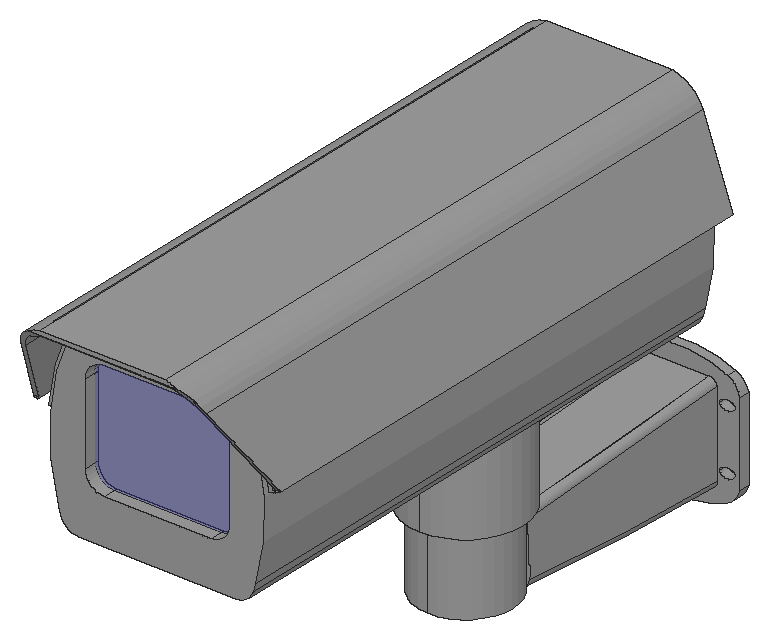
Revit family "SDP-856_RV17_LOD_400", category Электрооборудование, Revit 2017 (continued)
Definition of nested family "объектив 856_RV17_1"
  Automatic sketch dimensions
    Extrusion 19 sketch curve to Extrusion 19 sketch curve = 21.086 mm
    Extrusion 19 sketch curve to Extrusion 19 sketch curve = 18.811 mm
    Extrusion 19 sketch curve to Extrusion 19 sketch curve = 1.026 mm
    Extrusion 19 sketch curve to Extrusion 19 sketch curve = 8.482 mm
    Extrusion 20 sketch curve to Extrusion 20 sketch curve = 43 mm
    Extrusion 20 sketch curve to Extrusion 20 sketch curve = 44 mm
    Extrusion 20 sketch curve to Extrusion 20 sketch curve = 68.054 mm
    Extrusion 24 sketch curve to Extrusion 24 sketch curve = 11.512 mm
    Extrusion 24 sketch curve to Extrusion 24 sketch curve = 1.411 mm
    Extrusion 24 sketch curve to Extrusion 24 sketch curve = 12 mm  (x2)
    Extrusion 24 sketch curve to Extrusion 24 sketch curve = 1.459 mm
    Extrusion 25 sketch curve to Extrusion 25 sketch curve = 3.45 mm
    Extrusion 25 sketch curve to Extrusion 25 sketch curve = 3.134 mm
    Extrusion 25 sketch curve to Extrusion 25 sketch curve = 0.074 mm
    Extrusion 25 sketch curve to Extrusion 25 sketch curve = 3.079 mm
    Extrusion 25 sketch curve to Extrusion 25 sketch curve = 0.025 mm
    Extrusion 25 sketch curve to Extrusion 25 sketch curve = 3.19 mm
    Extrusion 25 sketch curve to Extrusion 25 sketch curve = 12.648 mm
    Extrusion 25 sketch curve to Extrusion 25 sketch curve = 0.023 mm
    Extrusion 25 sketch curve to Extrusion 25 sketch curve = 0.323 mm
    Extrusion 25 sketch curve to Extrusion 25 sketch curve = 12.435 mm
    Extrusion 25 sketch curve to Extrusion 25 sketch curve = 0.409 mm
    Extrusion 25 sketch curve to Extrusion 25 sketch curve = 5.397 mm
    Extrusion 25 sketch curve to Extrusion 25 sketch curve = 2.883 mm  (x2)
    Extrusion 25 sketch curve to Extrusion 25 sketch curve = 15.807 mm
    Extrusion 26 sketch curve to Extrusion 26 sketch curve = 2.29 mm  (x2)
    Extrusion 26 sketch curve to Extrusion 26 sketch curve = 2.455 mm  (x2)
    Extrusion 27 sketch curve to Extrusion 27 sketch curve = 1.846 mm
    Extrusion 26 sketch curve to Extrusion 26 sketch curve = 2.217 mm  (x2)
    Extrusion 22 sketch curve to Extrusion 22 sketch curve = 0 mm  (x2)
    Extrusion 22 sketch curve to Extrusion 22 sketch curve = 12 mm  (x3)
    Extrusion 22 sketch curve to Extrusion 22 sketch curve = 68 mm
    Extrusion 22 sketch curve to Extrusion 22 sketch curve = 50 mm
    Extrusion 22 sketch curve to Extrusion 22 sketch curve = 0.962 mm
    Extrusion 23 sketch curve to Extrusion 23 sketch curve = 12 mm  (x3)
    Extrusion 23 sketch curve to Extrusion 23 sketch curve = 68 mm
    Extrusion 23 sketch curve to Extrusion 23 sketch curve = 0 mm
    Extrusion 23 sketch curve to Extrusion 23 sketch curve = 51 mm
    Extrusion 24 sketch curve to Extrusion 24 sketch curve = 10.722 mm
    Extrusion 24 sketch curve to Extrusion 24 sketch curve = 18.274 mm
    Extrusion 24 sketch curve to Extrusion 24 sketch curve = 11.249 mm
    Extrusion 24 sketch curve to Extrusion 24 sketch curve = 5.343 mm
    Extrusion 24 sketch curve to Extrusion 24 sketch curve = 11.313 mm
    Extrusion 24 sketch curve to Extrusion 24 sketch curve = 77 mm
    Extrusion 24 sketch curve to Extrusion 24 sketch curve = 11.239 mm
    Extrusion 24 sketch curve to Extrusion 24 sketch curve = 100 mm
    Extrusion 24 sketch curve to Extrusion 24 sketch curve = 5.417 mm
    Extrusion 24 sketch curve to Extrusion 24 sketch curve = 10.507 mm
    Extrusion 24 sketch curve to Extrusion 24 sketch curve = 7.822 mm
    Extrusion 24 sketch curve to Extrusion 24 sketch curve = 8.614 mm
    Extrusion 24 sketch curve to Extrusion 24 sketch curve = 4.864 mm
    Extrusion 24 sketch curve to Extrusion 24 sketch curve = 4.797 mm
    Extrusion 24 sketch curve to Extrusion 24 sketch curve = 40.11 mm
    Extrusion 24 sketch curve to Extrusion 24 sketch curve = 40.834 mm
    Extrusion 24 sketch curve to Extrusion 24 sketch curve = 6.426 mm
    Extrusion 25 sketch curve to Extrusion 25 sketch curve = 9.862 mm
    Extrusion 25 sketch curve to Extrusion 25 sketch curve = 15.418 mm
    Extrusion 25 sketch curve to Extrusion 25 sketch curve = 11.35 mm
    Extrusion 25 sketch curve to Extrusion 25 sketch curve = 0.21 mm
    Extrusion 25 sketch curve to Extrusion 25 sketch curve = 76.848 mm
    Extrusion 25 sketch curve to Extrusion 25 sketch curve = 11.237 mm
    Extrusion 25 sketch curve to Extrusion 25 sketch curve = 5.153 mm
    Extrusion 25 sketch curve to Extrusion 25 sketch curve = 13.016 mm
    Extrusion 25 sketch curve to Extrusion 25 sketch curve = 2.224 mm
    Extrusion 25 sketch curve to Extrusion 25 sketch curve = 54.844 mm
    Extrusion 25 sketch curve to Extrusion 25 sketch curve = 14.827 mm
    Extrusion 25 sketch curve to Extrusion 25 sketch curve = 7.067 mm
    Extrusion 25 sketch curve to Extrusion 25 sketch curve = 0.192 mm
    Extrusion 25 sketch curve to Extrusion 25 sketch curve = 6.896 mm
    Extrusion 25 sketch curve to Extrusion 25 sketch curve = 0.297 mm
    Extrusion 25 sketch curve to Extrusion 25 sketch curve = 6.038 mm
    Extrusion 25 sketch curve to Extrusion 25 sketch curve = 12.055 mm
    Extrusion 26 sketch curve to Extrusion 26 sketch curve = 2.819 mm  (x2)
    Extrusion 26 sketch curve to Extrusion 26 sketch curve = 19.341 mm
    Extrusion 26 sketch curve to Extrusion 26 sketch curve = 19.375 mm
    Extrusion 26 sketch curve to Extrusion 26 sketch curve = 0 mm  (x3)
    Extrusion 26 sketch curve to Extrusion 26 sketch curve = 4.001 mm  (x2)
    Extrusion 26 sketch curve to Extrusion 26 sketch curve = 67.565 mm
    Extrusion 26 sketch curve to Extrusion 26 sketch curve = 21.086 mm
    Extrusion 26 sketch curve to Extrusion 26 sketch curve = 18.811 mm
    Extrusion 26 sketch curve to Extrusion 26 sketch curve = 1.026 mm
    Extrusion 26 sketch curve to Extrusion 26 sketch curve = 8.482 mm
    Extrusion 27 sketch curve to Extrusion 27 sketch curve = 43 mm
    Extrusion 27 sketch curve to Extrusion 27 sketch curve = 44 mm
    Extrusion 27 sketch curve to Extrusion 27 sketch curve = 68.054 mm
    Extrusion 31 sketch curve to Extrusion 31 sketch curve = 11.512 mm
    Extrusion 31 sketch curve to Extrusion 31 sketch curve = 1.411 mm
    Extrusion 31 sketch curve to Extrusion 31 sketch curve = 12 mm  (x2)
    Extrusion 31 sketch curve to Extrusion 31 sketch curve = 1.459 mm
    Extrusion 32 sketch curve to Extrusion 32 sketch curve = 3.45 mm
    Extrusion 32 sketch curve to Extrusion 32 sketch curve = 3.134 mm
    Extrusion 32 sketch curve to Extrusion 32 sketch curve = 0.074 mm
    Extrusion 32 sketch curve to Extrusion 32 sketch curve = 3.079 mm
    Extrusion 32 sketch curve to Extrusion 32 sketch curve = 0.025 mm
    Extrusion 32 sketch curve to Extrusion 32 sketch curve = 3.19 mm
    Extrusion 32 sketch curve to Extrusion 32 sketch curve = 12.648 mm
    Extrusion 32 sketch curve to Extrusion 32 sketch curve = 0.023 mm
    Extrusion 32 sketch curve to Extrusion 32 sketch curve = 0.323 mm
    Extrusion 32 sketch curve to Extrusion 32 sketch curve = 12.435 mm
    Extrusion 32 sketch curve to Extrusion 32 sketch curve = 0.409 mm
    Extrusion 32 sketch curve to Extrusion 32 sketch curve = 5.397 mm
    Extrusion 32 sketch curve to Extrusion 32 sketch curve = 2.883 mm  (x2)
    Extrusion 32 sketch curve to Extrusion 32 sketch curve = 15.807 mm
    Extrusion 33 sketch curve to Extrusion 33 sketch curve = 2.29 mm  (x2)
    Extrusion 33 sketch curve to Extrusion 33 sketch curve = 2.455 mm  (x2)
    Extrusion 34 sketch curve to Extrusion 34 sketch curve = 1.846 mm
    Extrusion 33 sketch curve to Extrusion 33 sketch curve = 2.217 mm  (x2)
    Extrusion 29 sketch curve to Extrusion 29 sketch curve = 0 mm  (x2)
    Extrusion 29 sketch curve to Extrusion 29 sketch curve = 12 mm  (x3)
    Extrusion 29 sketch curve to Extrusion 29 sketch curve = 68 mm
    Extrusion 29 sketch curve to Extrusion 29 sketch curve = 50 mm
    Extrusion 29 sketch curve to Extrusion 29 sketch curve = 0.962 mm
    Extrusion 30 sketch curve to Extrusion 30 sketch curve = 12 mm  (x3)
    Extrusion 30 sketch curve to Extrusion 30 sketch curve = 68 mm
    Extrusion 30 sketch curve to Extrusion 30 sketch curve = 0 mm
    Extrusion 30 sketch curve to Extrusion 30 sketch curve = 51 mm
    Extrusion 31 sketch curve to Extrusion 31 sketch curve = 10.722 mm
    Extrusion 31 sketch curve to Extrusion 31 sketch curve = 18.274 mm
    Extrusion 31 sketch curve to Extrusion 31 sketch curve = 11.249 mm
    Extrusion 31 sketch curve to Extrusion 31 sketch curve = 5.343 mm
    Extrusion 31 sketch curve to Extrusion 31 sketch curve = 11.313 mm
    Extrusion 31 sketch curve to Extrusion 31 sketch curve = 77 mm
    Extrusion 31 sketch curve to Extrusion 31 sketch curve = 11.239 mm
    Extrusion 31 sketch curve to Extrusion 31 sketch curve = 100 mm
    Extrusion 31 sketch curve to Extrusion 31 sketch curve = 5.417 mm
    Extrusion 31 sketch curve to Extrusion 31 sketch curve = 10.507 mm
    Extrusion 31 sketch curve to Extrusion 31 sketch curve = 7.822 mm
    Extrusion 31 sketch curve to Extrusion 31 sketch curve = 8.614 mm
    Extrusion 31 sketch curve to Extrusion 31 sketch curve = 4.864 mm
    Extrusion 31 sketch curve to Extrusion 31 sketch curve = 4.797 mm
    Extrusion 31 sketch curve to Extrusion 31 sketch curve = 40.11 mm
    Extrusion 31 sketch curve to Extrusion 31 sketch curve = 40.834 mm
    Extrusion 31 sketch curve to Extrusion 31 sketch curve = 6.426 mm
    Extrusion 32 sketch curve to Extrusion 32 sketch curve = 9.862 mm
    Extrusion 32 sketch curve to Extrusion 32 sketch curve = 15.418 mm
    Extrusion 32 sketch curve to Extrusion 32 sketch curve = 11.35 mm
    Extrusion 32 sketch curve to Extrusion 32 sketch curve = 0.21 mm
    Extrusion 32 sketch curve to Extrusion 32 sketch curve = 76.848 mm
    Extrusion 32 sketch curve to Extrusion 32 sketch curve = 11.237 mm
    Extrusion 32 sketch curve to Extrusion 32 sketch curve = 5.153 mm
    Extrusion 32 sketch curve to Extrusion 32 sketch curve = 13.016 mm
    Extrusion 32 sketch curve to Extrusion 32 sketch curve = 2.224 mm
    Extrusion 32 sketch curve to Extrusion 32 sketch curve = 54.844 mm
    Extrusion 32 sketch curve to Extrusion 32 sketch curve = 14.827 mm
    Extrusion 32 sketch curve to Extrusion 32 sketch curve = 7.067 mm
    Extrusion 32 sketch curve to Extrusion 32 sketch curve = 0.192 mm
    Extrusion 32 sketch curve to Extrusion 32 sketch curve = 6.896 mm
    Extrusion 32 sketch curve to Extrusion 32 sketch curve = 0.297 mm
    Extrusion 32 sketch curve to Extrusion 32 sketch curve = 6.038 mm
    Extrusion 32 sketch curve to Extrusion 32 sketch curve = 12.055 mm
    Extrusion 33 sketch curve to Extrusion 33 sketch curve = 2.819 mm  (x2)
    Extrusion 33 sketch curve to Extrusion 33 sketch curve = 19.341 mm
    Extrusion 33 sketch curve to Extrusion 33 sketch curve = 19.375 mm
    Extrusion 33 sketch curve to Extrusion 33 sketch curve = 0 mm  (x3)
    Extrusion 33 sketch curve to Extrusion 33 sketch curve = 4.001 mm  (x2)
    Extrusion 33 sketch curve to Extrusion 33 sketch curve = 67.565 mm
    Extrusion 33 sketch curve to Extrusion 33 sketch curve = 21.086 mm
    Extrusion 33 sketch curve to Extrusion 33 sketch curve = 18.811 mm
    Extrusion 33 sketch curve to Extrusion 33 sketch curve = 1.026 mm
    Extrusion 33 sketch curve to Extrusion 33 sketch curve = 8.482 mm
    Extrusion 34 sketch curve to Extrusion 34 sketch curve = 43 mm
    Extrusion 34 sketch curve to Extrusion 34 sketch curve = 44 mm
    Extrusion 34 sketch curve to Extrusion 34 sketch curve = 68.054 mm
    Extrusion 37 sketch curve to Extrusion 37 sketch curve = 11.512 mm
    Extrusion 37 sketch curve to Extrusion 37 sketch curve = 1.411 mm
    Extrusion 37 sketch curve to Extrusion 37 sketch curve = 12 mm  (x2)
    Extrusion 37 sketch curve to Extrusion 37 sketch curve = 1.459 mm
    Extrusion 38 sketch curve to Extrusion 38 sketch curve = 3.45 mm
    Extrusion 38 sketch curve to Extrusion 38 sketch curve = 3.134 mm
    Extrusion 38 sketch curve to Extrusion 38 sketch curve = 0.074 mm
    Extrusion 38 sketch curve to Extrusion 38 sketch curve = 3.079 mm
    Extrusion 38 sketch curve to Extrusion 38 sketch curve = 0.025 mm
    Extrusion 38 sketch curve to Extrusion 38 sketch curve = 3.19 mm
    Extrusion 38 sketch curve to Extrusion 38 sketch curve = 12.648 mm
    Extrusion 38 sketch curve to Extrusion 38 sketch curve = 0.023 mm
    Extrusion 38 sketch curve to Extrusion 38 sketch curve = 0.323 mm
    Extrusion 38 sketch curve to Extrusion 38 sketch curve = 12.435 mm
    Extrusion 38 sketch curve to Extrusion 38 sketch curve = 0.409 mm
    Extrusion 38 sketch curve to Extrusion 38 sketch curve = 5.397 mm
    Extrusion 38 sketch curve to Extrusion 38 sketch curve = 2.883 mm  (x2)
    Extrusion 38 sketch curve to Extrusion 38 sketch curve = 15.807 mm
    Extrusion 39 sketch curve to Extrusion 39 sketch curve = 2.29 mm  (x2)
    Extrusion 39 sketch curve to Extrusion 39 sketch curve = 2.455 mm  (x2)
    Extrusion 40 sketch curve to Extrusion 40 sketch curve = 1.846 mm
    Extrusion 39 sketch curve to Extrusion 39 sketch curve = 2.217 mm  (x2)
    Extrusion 35 sketch curve to Extrusion 35 sketch curve = 0 mm  (x2)
    Extrusion 35 sketch curve to Extrusion 35 sketch curve = 12 mm  (x3)
    Extrusion 35 sketch curve to Extrusion 35 sketch curve = 68 mm
    Extrusion 35 sketch curve to Extrusion 35 sketch curve = 50 mm
    Extrusion 35 sketch curve to Extrusion 35 sketch curve = 0.962 mm
    Extrusion 36 sketch curve to Extrusion 36 sketch curve = 12 mm  (x3)
    Extrusion 36 sketch curve to Extrusion 36 sketch curve = 68 mm
    Extrusion 36 sketch curve to Extrusion 36 sketch curve = 0 mm
    Extrusion 36 sketch curve to Extrusion 36 sketch curve = 51 mm
    Extrusion 37 sketch curve to Extrusion 37 sketch curve = 10.722 mm
    Extrusion 37 sketch curve to Extrusion 37 sketch curve = 18.274 mm
    Extrusion 37 sketch curve to Extrusion 37 sketch curve = 11.249 mm
    Extrusion 37 sketch curve to Extrusion 37 sketch curve = 5.343 mm
    Extrusion 37 sketch curve to Extrusion 37 sketch curve = 11.313 mm
    Extrusion 37 sketch curve to Extrusion 37 sketch curve = 77 mm
    Extrusion 37 sketch curve to Extrusion 37 sketch curve = 11.239 mm
    Extrusion 37 sketch curve to Extrusion 37 sketch curve = 100 mm
    Extrusion 37 sketch curve to Extrusion 37 sketch curve = 5.417 mm
    Extrusion 37 sketch curve to Extrusion 37 sketch curve = 10.507 mm
    Extrusion 37 sketch curve to Extrusion 37 sketch curve = 7.822 mm
    Extrusion 37 sketch curve to Extrusion 37 sketch curve = 8.614 mm
    Extrusion 37 sketch curve to Extrusion 37 sketch curve = 4.864 mm
    Extrusion 37 sketch curve to Extrusion 37 sketch curve = 4.797 mm
    Extrusion 37 sketch curve to Extrusion 37 sketch curve = 40.11 mm
    Extrusion 37 sketch curve to Extrusion 37 sketch curve = 40.834 mm
    Extrusion 37 sketch curve to Extrusion 37 sketch curve = 6.426 mm
    Extrusion 38 sketch curve to Extrusion 38 sketch curve = 9.862 mm
    Extrusion 38 sketch curve to Extrusion 38 sketch curve = 15.418 mm
    Extrusion 38 sketch curve to Extrusion 38 sketch curve = 11.35 mm
    Extrusion 38 sketch curve to Extrusion 38 sketch curve = 0.21 mm
    Extrusion 38 sketch curve to Extrusion 38 sketch curve = 76.848 mm
    Extrusion 38 sketch curve to Extrusion 38 sketch curve = 11.237 mm
    Extrusion 38 sketch curve to Extrusion 38 sketch curve = 5.153 mm
    Extrusion 38 sketch curve to Extrusion 38 sketch curve = 13.016 mm
    Extrusion 38 sketch curve to Extrusion 38 sketch curve = 2.224 mm
    Extrusion 38 sketch curve to Extrusion 38 sketch curve = 54.844 mm
    Extrusion 38 sketch curve to Extrusion 38 sketch curve = 14.827 mm
    Extrusion 38 sketch curve to Extrusion 38 sketch curve = 7.067 mm
    Extrusion 38 sketch curve to Extrusion 38 sketch curve = 0.192 mm
    Extrusion 38 sketch curve to Extrusion 38 sketch curve = 6.896 mm
    Extrusion 38 sketch curve to Extrusion 38 sketch curve = 0.297 mm
    Extrusion 38 sketch curve to Extrusion 38 sketch curve = 6.038 mm
    Extrusion 38 sketch curve to Extrusion 38 sketch curve = 12.055 mm
    Extrusion 39 sketch curve to Extrusion 39 sketch curve = 2.819 mm  (x2)
    Extrusion 39 sketch curve to Extrusion 39 sketch curve = 19.341 mm
    Extrusion 39 sketch curve to Extrusion 39 sketch curve = 19.375 mm
    Extrusion 39 sketch curve to Extrusion 39 sketch curve = 0 mm  (x3)
    Extrusion 39 sketch curve to Extrusion 39 sketch curve = 4.001 mm  (x2)
    Extrusion 39 sketch curve to Extrusion 39 sketch curve = 67.565 mm
    Extrusion 39 sketch curve to Extrusion 39 sketch curve = 21.086 mm
    Extrusion 39 sketch curve to Extrusion 39 sketch curve = 18.811 mm
    Extrusion 39 sketch curve to Extrusion 39 sketch curve = 1.026 mm
    Extrusion 39 sketch curve to Extrusion 39 sketch curve = 8.482 mm
    Extrusion 40 sketch curve to Extrusion 40 sketch curve = 43 mm
    Extrusion 40 sketch curve to Extrusion 40 sketch curve = 44 mm
    Extrusion 40 sketch curve to Extrusion 40 sketch curve = 68.054 mm
    Extrusion 43 sketch curve to Extrusion 43 sketch curve = 11.512 mm
    Extrusion 43 sketch curve to Extrusion 43 sketch curve = 1.411 mm
    Extrusion 43 sketch curve to Extrusion 43 sketch curve = 12 mm  (x2)
    Extrusion 43 sketch curve to Extrusion 43 sketch curve = 1.459 mm
    Extrusion 44 sketch curve to Extrusion 44 sketch curve = 3.45 mm
    Extrusion 44 sketch curve to Extrusion 44 sketch curve = 3.134 mm
    Extrusion 44 sketch curve to Extrusion 44 sketch curve = 0.074 mm
    Extrusion 44 sketch curve to Extrusion 44 sketch curve = 3.079 mm
    Extrusion 44 sketch curve to Extrusion 44 sketch curve = 0.025 mm
    Extrusion 44 sketch curve to Extrusion 44 sketch curve = 3.19 mm
    Extrusion 44 sketch curve to Extrusion 44 sketch curve = 12.648 mm
    Extrusion 44 sketch curve to Extrusion 44 sketch curve = 0.023 mm
    Extrusion 44 sketch curve to Extrusion 44 sketch curve = 0.323 mm
    Extrusion 44 sketch curve to Extrusion 44 sketch curve = 12.435 mm
    Extrusion 44 sketch curve to Extrusion 44 sketch curve = 0.409 mm
    Extrusion 44 sketch curve to Extrusion 44 sketch curve = 5.397 mm
    Extrusion 44 sketch curve to Extrusion 44 sketch curve = 2.883 mm  (x2)
    Extrusion 44 sketch curve to Extrusion 44 sketch curve = 15.807 mm
    Extrusion 45 sketch curve to Extrusion 45 sketch curve = 2.29 mm  (x2)
    Extrusion 45 sketch curve to Extrusion 45 sketch curve = 2.455 mm  (x2)
    Extrusion 46 sketch curve to Extrusion 46 sketch curve = 1.846 mm
    Extrusion 45 sketch curve to Extrusion 45 sketch curve = 2.217 mm  (x2)
    Extrusion 41 sketch curve to Extrusion 41 sketch curve = 0 mm  (x2)
    Extrusion 41 sketch curve to Extrusion 41 sketch curve = 12 mm  (x3)
    Extrusion 41 sketch curve to Extrusion 41 sketch curve = 68 mm
    Extrusion 41 sketch curve to Extrusion 41 sketch curve = 50 mm
    Extrusion 41 sketch curve to Extrusion 41 sketch curve = 0.962 mm
    Extrusion 42 sketch curve to Extrusion 42 sketch curve = 12 mm  (x3)
    Extrusion 42 sketch curve to Extrusion 42 sketch curve = 68 mm
    Extrusion 42 sketch curve to Extrusion 42 sketch curve = 0 mm
    Extrusion 42 sketch curve to Extrusion 42 sketch curve = 51 mm
    Extrusion 43 sketch curve to Extrusion 43 sketch curve = 10.722 mm
    Extrusion 43 sketch curve to Extrusion 43 sketch curve = 18.274 mm
    Extrusion 43 sketch curve to Extrusion 43 sketch curve = 11.249 mm
    Extrusion 43 sketch curve to Extrusion 43 sketch curve = 5.343 mm
    Extrusion 43 sketch curve to Extrusion 43 sketch curve = 11.313 mm
    Extrusion 43 sketch curve to Extrusion 43 sketch curve = 77 mm
    Extrusion 43 sketch curve to Extrusion 43 sketch curve = 11.239 mm
    Extrusion 43 sketch curve to Extrusion 43 sketch curve = 100 mm
    Extrusion 43 sketch curve to Extrusion 43 sketch curve = 5.417 mm
    Extrusion 43 sketch curve to Extrusion 43 sketch curve = 10.507 mm
    Extrusion 43 sketch curve to Extrusion 43 sketch curve = 7.822 mm
    Extrusion 43 sketch curve to Extrusion 43 sketch curve = 8.614 mm
    Extrusion 43 sketch curve to Extrusion 43 sketch curve = 4.864 mm
    Extrusion 43 sketch curve to Extrusion 43 sketch curve = 4.797 mm
    Extrusion 43 sketch curve to Extrusion 43 sketch curve = 40.11 mm
    Extrusion 43 sketch curve to Extrusion 43 sketch curve = 40.834 mm
    Extrusion 43 sketch curve to Extrusion 43 sketch curve = 6.426 mm
    Extrusion 44 sketch curve to Extrusion 44 sketch curve = 9.862 mm
    Extrusion 44 sketch curve to Extrusion 44 sketch curve = 15.418 mm
    Extrusion 44 sketch curve to Extrusion 44 sketch curve = 11.35 mm
    Extrusion 44 sketch curve to Extrusion 44 sketch curve = 0.21 mm
    Extrusion 44 sketch curve to Extrusion 44 sketch curve = 76.848 mm
    Extrusion 44 sketch curve to Extrusion 44 sketch curve = 11.237 mm
    Extrusion 44 sketch curve to Extrusion 44 sketch curve = 5.153 mm
    Extrusion 44 sketch curve to Extrusion 44 sketch curve = 13.016 mm
    Extrusion 44 sketch curve to Extrusion 44 sketch curve = 2.224 mm
    Extrusion 44 sketch curve to Extrusion 44 sketch curve = 54.844 mm
    Extrusion 44 sketch curve to Extrusion 44 sketch curve = 14.827 mm
    Extrusion 44 sketch curve to Extrusion 44 sketch curve = 7.067 mm
    Extrusion 44 sketch curve to Extrusion 44 sketch curve = 0.192 mm
    Extrusion 44 sketch curve to Extrusion 44 sketch curve = 6.896 mm
    Extrusion 44 sketch curve to Extrusion 44 sketch curve = 0.297 mm
    Extrusion 44 sketch curve to Extrusion 44 sketch curve = 6.038 mm
    Extrusion 44 sketch curve to Extrusion 44 sketch curve = 12.055 mm
    Extrusion 45 sketch curve to Extrusion 45 sketch curve = 2.819 mm  (x2)
    Extrusion 45 sketch curve to Extrusion 45 sketch curve = 19.341 mm
    Extrusion 45 sketch curve to Extrusion 45 sketch curve = 19.375 mm
    Extrusion 45 sketch curve to Extrusion 45 sketch curve = 0 mm  (x3)
    Extrusion 45 sketch curve to Extrusion 45 sketch curve = 4.001 mm  (x2)
    Extrusion 45 sketch curve to Extrusion 45 sketch curve = 67.565 mm
    Extrusion 45 sketch curve to Extrusion 45 sketch curve = 21.086 mm
    Extrusion 45 sketch curve to Extrusion 45 sketch curve = 18.811 mm
    Extrusion 45 sketch curve to Extrusion 45 sketch curve = 1.026 mm
    Extrusion 45 sketch curve to Extrusion 45 sketch curve = 8.482 mm
    Extrusion 46 sketch curve to Extrusion 46 sketch curve = 43 mm
    Extrusion 46 sketch curve to Extrusion 46 sketch curve = 44 mm
    Extrusion 46 sketch curve to Extrusion 46 sketch curve = 68.054 mm
    radius of Extrusion 14 sketch curve = 35 mm
    radius of Extrusion 21 sketch curve = 35 mm
    radius of Extrusion 28 sketch curve = 35 mm
Definition of nested family "УГО_камера"
  Reference planes
    plane 1: y = 0
    plane 2: x = 0
  Lines and regions (mm)
    detail lines
      curve 1: line (4, -1.181, 0) -> (-3.962, -1.181, 0)
      curve 2: line (4, -16.181, 0) -> (4, -1.181, 0)
      curve 3: line (-3.962, -16.181, 0) -> (4, -16.181, 0)
      curve 4: line (-3.962, -1.181, 0) -> (-3.962, -16.181, 0)
      curve 5: line (0.019, -16.181, 0) -> (4.079, -20.241, 0)
      curve 6: line (4.079, -20.241, 0) -> (-3.962, -20.241, 0)
      curve 7: line (-3.962, -20.241, 0) -> (0.098, -16.181, 0)
      curve 8: line (-5, 0, 0) -> (5, 0, 0)
      curve 9: line (5, 0, 0) -> (5, -16.181, 0)
      curve 10: line (-5, 0, 0) -> (-5, -16.181, 0)
    detail lines, not visible
      curve 11: line (4, -1.181, 0) -> (-3.962, -1.181, 0)
      curve 12: line (4, -16.181, 0) -> (4, -1.181, 0)
      curve 13: line (-3.962, -16.181, 0) -> (4, -16.181, 0)
      curve 14: line (-3.962, -1.181, 0) -> (-3.962, -16.181, 0)
      curve 15: line (0.019, -16.181, 0) -> (4.079, -20.241, 0)
      curve 16: line (4.079, -20.241, 0) -> (-3.962, -20.241, 0)
      curve 17: line (-3.962, -20.241, 0) -> (0.098, -16.181, 0)
      curve 18: line (-5, 0, 0) -> (5, 0, 0)
      curve 19: line (5, 0, 0) -> (5, -16.181, 0)
      curve 20: line (-5, 0, 0) -> (-5, -16.181, 0)
